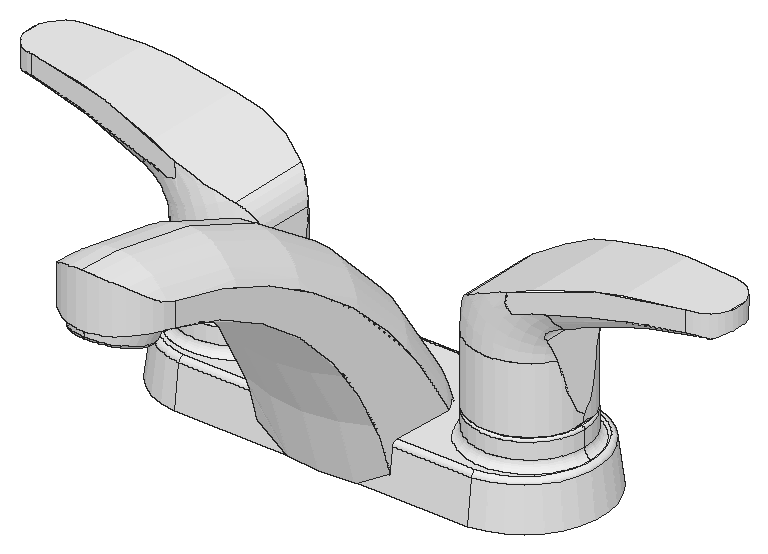
Revit family "zxFaucet-Two_Handle-American_Standard-Colony_Pro-7075.20x_Series", category Plumbing Fixtures, Revit 2014
Parameters (values of type "7075.200")
  Width = 9 3/4"
  Waste Connection = no
  Warranty Information = "Limited Lifetime Warranty"
  WFU = 2
  Vent Connection = no
  URL = "http://www.americanstandard-us.com/"
  Product Page URL = "https://www.americanstandard-us.com/bathroom/bathroom-sink-faucets/colony-pro-two-handle-centerset-bathroom-faucet-25249"
  Price = "Prices may vary. Please consult Manufacturer Representative for most up-to-date price list."  # constant formula
  Plug Button Visibility = no
  Model = "7075.200"
  Material = "Metal-American Standard-002-Polished Chrome"
  Manufacturer = "American Standard"
  Length = 6 3/8"
  Installation Type = "Deck Mounted"
  Hot Water Connection Width = 2"
  Hot Water Connection Radius = 3/16"
  Hot Water Connection Diameter = 3/8"
  Height = 4 1/4"
  HWFU = 1.5
  HW Connection = yes
  Flow Rate = "1.2 gpm (4.5 L/min.)"
  Description = "Colony® PRO Two-Handle Centerset Lavatory Faucet with Metal Drain."
  Default Elevation = 0"
  Creation Date = "11/23/2016"
  Cold Water Connection Width = 2"
  Cold Water Connection Radius = 3/16"
  Cold Water Connection Diameter = Cold Water Connection Radius * 2  # 3/8"
  CWFU = 1.5
  CW Connection = yes
  ADA Compliant = yes
Types (4): name | Plug Button Visibility | Model | Description
  (no name) | no | "7075.200" | "Colony® PRO Two-Handle Centerset Lavatory Faucet with Metal Drain."
  7075.200 | no | "7075.200" | "Colony® PRO Two-Handle Centerset Lavatory Faucet with Metal Drain."
  7075.202 | yes | "7075.202" | "Colony® PRO Two-Handle Centerset Lavatory Faucet with 50/50 pop-up drain."
  7075.205 | yes | "7075.205" | "Colony® PRO Two-Handle Centerset Lavatory Faucet with pop-up hole, plug button and rod."
Reference planes
  plane 1 "Center (Front/Back)": y = 0
  plane 2: z = 0
  plane 3: z = 107.95
  plane 4: y = -114.3
  plane 5: y = 34.925
  plane 6: y = -127
  plane 7: y = -25.4
  plane 8: y = 4.762
  plane 9: x = -250.439
  plane 10: x = -374.264
  plane 11: x = -126.614
  plane 12: x = -199.639
  plane 13: x = -301.239
Forms (mm)
  Sweep 1, solid, material "Metal-American Standard-002-Polished Chrome"
    path origin (-250.439, 0, 0) x (1, 0, 0) y (0, 1, 0)
      loop
        arc (-51.227, -22.622) -> (-0.018, -24.963) -> (51.19, -22.62) r 561.123
        arc (51.19, -22.62) -> (76.18, 4.766) -> (51.187, 32.15) r 27.5
        arc (51.187, 32.15) -> (-0.02, 34.489) -> (-51.227, 32.147) r 561.405
        arc (-51.227, 32.147) -> (-76.216, 4.762) -> (-51.227, -22.622) r 27.499
    profile origin (-326.656, 4.762, 0) x (-1, 0, 0) y (0, 0, 1)
      loop
        line (-0.016, 0) -> (-1.806, 14.45)
        arc (-1.806, 14.45) -> (-2.414, 15.604) -> (-3.635, 16.066) r 1.843
        line (-3.635, 16.066) -> (-8.933, 16.066) -> (-8.933, 0) -> (-0.016, 0)
  Revolve 2, solid, material "Metal-American Standard-002-Polished Chrome"
    sketch origin (-251.664, 4.762, 0) x (1, 0, 0) y (0, 0, 1)
      loop
        line (-49.58, 16.066) -> (-49.58, 26.385) -> (-63.149, 26.385) -> (-63.149, 25.591) -> (-67.836, 25.591)
        arc (-67.836, 25.591) -> (-68.398, 25.359) -> (-68.63, 24.797) r 0.794
        line (-68.63, 24.797) -> (-68.63, 19.293)
        arc (-68.63, 19.293) -> (-69.241, 17.332) -> (-70.858, 16.066) r 3.451
        line (-70.858, 16.066) -> (-49.58, 16.066)
      axis (-49.58, 26.385) -> (-49.58, 16.066)
    angle from 0 to 360
  Revolve 3, solid, material "Metal-American Standard-002-Polished Chrome"
    sketch origin (-249.224, 4.762, 0) x (-1, 0, 0) y (0, 0, -1)
      loop
        line (-49.58, -16.066) -> (-70.858, -16.066)
        arc (-70.858, -16.066) -> (-69.241, -17.332) -> (-68.63, -19.293) r 3.451
        line (-68.63, -19.293) -> (-68.63, -24.797)
        arc (-68.63, -24.797) -> (-68.398, -25.359) -> (-67.836, -25.591) r 0.794
        line (-67.836, -25.591) -> (-63.149, -25.591) -> (-63.149, -26.385) -> (-49.58, -26.385) -> (-49.58, -16.066)
      axis (-49.58, -26.385) -> (-49.58, -16.066)
    angle from 0 to 360
  Extrusion 4, void
    sketch origin (-250.439, -5.727, 0) x (0, 1, 0) y (0, 0, 1)
      loop
        line (41.969, 0) -> (-51.458, 0) -> (-51.458, -23.37) -> (41.969, -23.37) -> (41.969, 0)
    from -50.74 to 38.851
  SweptBlend 5, solid, material "Metal-American Standard-002-Polished Chrome"
    path origin (-250.439, -2.552, -10.17) x (0, 1, 0) y (0, 0, 1)
      loop
        arc (2.485, -3.237) -> (-60.944, 79.686) -> (-164.43, 93.471) r 136.405
    profile origin (-250.439, -0.068, -13.407) x (0, -0.96632, -0.257343) y (1, 0, 0)
      loop
        circle (0, 0) r 28.575
    end profile origin (-250.439, -166.982, 83.301) x (0, 0.257343, -0.96632) y (1, 0, 0)
      loop
        circle (1.488, 0) r 19.763
  Extrusion 6, void
    sketch origin (-250.439, -2.552, 8.88) x (1, 0, 0) y (0, 1, 0)
      loop
        line (26.014, 36.669) -> (18.49, -106.902)
        arc (18.49, -106.902) -> (0, -124.448) -> (-18.49, -106.902) r 18.516
        line (-18.49, -106.902) -> (-26.014, 36.669) -> (-35.519, 36.669) -> (-35.519, -172.709) -> (35.519, -172.709) -> (35.519, 36.669) -> (26.014, 36.669)
    from -8.88 to 139.2
  Sweep 7, void
    path origin (-250.439, -1.759, 12.849) x (0, 1, 0) y (0, 0, 1)
      loop
        arc (-15.423, -19.901) -> (-50.348, 48.007) -> (-119.345, 80.731) r 119.061
        line (-119.345, 80.731) -> (-159.119, 85.382)
    profile origin (-250.439, -52.107, 60.856) x (0, -0.695645, -0.718386) y (1, 0, 0)
      loop
        line (-0.397, -27.392) -> (35.198, -27.392) -> (35.198, 36.764) -> (-0.356, 27.298)
        arc (-0.356, 27.298) -> (5.214, -0.052) -> (-0.397, -27.392) r 69.668
  Revolve 8, solid, material "Metal-American Standard-002-Polished Chrome"
    sketch origin (-250.439, 0.088, 0.018) x (0, 1, 0) y (0, 0, 1)
      loop
        arc (-103.075, 79.331) -> (-102.591, 79.346) -> (-102.206, 79.639) r 0.794
        line (-102.206, 79.639) -> (-98.424, 85.039) -> (-112.434, 89.056) -> (-113.806, 84.273) -> (-107.702, 82.523) -> (-108.196, 80.8) -> (-103.075, 79.331)
      axis (-112.434, 89.056) -> (-114.3, 82.55)
    angle from 0 to 360
  Extrusion 9, solid, material "Metal-American Standard-002-Polished Chrome"
    sketch origin (0, 0, 0) x (1, 0, 0) y (0, 1, 0)
      loop
        arc (-300.851, 23.251) -> (-317.722, 4.762) -> (-300.851, -13.726) r 18.566
        arc (-300.851, -13.726) -> (-250.458, -16.029) -> (-200.065, -13.724) r 552.19
        arc (-200.065, -13.724) -> (-183.193, 4.766) -> (-200.067, 23.254) r 18.567
        arc (-200.067, 23.254) -> (-250.459, 25.555) -> (-300.851, 23.251) r 552.472
      loop
        circle (-301.239, 4.762) r 4.763
      loop
        circle (-199.639, 4.762) r 4.763
    from 0 to 16.066
  Revolve 10, solid, material "Metal-American Standard-002-Polished Chrome", visible <- "Plug Button Visibility"
    sketch origin (-250.439, -0.1, 0) x (0, 1, 0) y (0, 0, 1)
      loop
        line (17.565, 44.061) -> (20.684, 54.939)
        arc (20.684, 54.939) -> (20.583, 56.093) -> (19.737, 56.883) r 1.617
        arc (19.737, 56.883) -> (16.931, 57.717) -> (14.017, 57.999) r 15.225
        line (14.017, 57.999) -> (14.017, 16.066) -> (16.132, 16.066) -> (16.132, 44.061) -> (17.565, 44.061)
      axis (14.017, 57.999) -> (14.017, 16.066)
    angle from 0 to 360
  Sweep 11, solid, material "Metal-American Standard-002-Polished Chrome"
    path origin (-199.464, 4.762, 20.059) x (1, 0, 0) y (0, 0, 1)
      loop
        line (-101.6, 6.326) -> (-101.6, 29.345)
        arc (-101.6, 29.345) -> (-105.799, 44.482) -> (-117.197, 55.292) r 29.381
        arc (-117.197, 55.292) -> (-158.536, 69.949) -> (-202.351, 71.949) r 149.147
    profile origin (-301.064, 4.762, 37.894) x (-1, 0, 0) y (0, -1, 0)
      loop
        circle (0, 0) r 19.05
  Extrusion 12, void
    sketch origin (-251.654, -71.811, 0) x (1, 0, 0) y (0, 0, 1)
      loop
        arc (-122.019, 82.121) -> (-79.284, 78.96) -> (-39.443, 63.183) r 141.873
        arc (-39.443, 63.183) -> (-35.18, 59.107) -> (-33.218, 53.544) r 12.7
        line (-33.218, 53.544) -> (-30.549, 28.154)
        arc (-30.549, 28.154) -> (-30.952, 26.915) -> (-32.142, 26.385) r 1.601
        line (-32.142, 26.385) -> (-26.459, 26.385) -> (-26.459, 116.92) -> (-160.387, 116.92) -> (-160.387, 26.385) -> (-67.019, 26.385)
        arc (-67.019, 26.385) -> (-68.209, 26.915) -> (-68.611, 28.154) r 1.601
        line (-68.611, 28.154) -> (-65.582, 56.972)
        arc (-65.582, 56.972) -> (-66.187, 59.745) -> (-68.326, 61.611) r 4.521
        arc (-68.326, 61.611) -> (-85.824, 67.482) -> (-103.999, 70.696) r 124.227
        arc (-103.999, 70.696) -> (-113.795, 72.533) -> (-123.14, 75.999) r 58.817
        arc (-123.14, 75.999) -> (-124.935, 79.491) -> (-122.019, 82.121) r 3.219
    from -106.468 to -56.367
  Extrusion 13, void
    sketch origin (-500.878, 57.988, -134.587) x (-1, 0, 0) y (0, -1, 0)
      loop
        line (-199.644, 28.136) -> (-113.752, 28.136) -> (-113.752, 78.314) -> (-199.644, 78.314) -> (-199.644, 73.174) -> (-136.357, 64.426)
        arc (-136.357, 64.426) -> (-126.599, 53.225) -> (-136.357, 42.025) r 11.307
        line (-136.357, 42.025) -> (-199.644, 33.277) -> (-199.644, 28.136)
    from 176.708 to 251.507
  Sweep 14, solid, material "Metal-American Standard-002-Polished Chrome"
    path origin (-301.414, 4.762, 20.059) x (-1, 0, 0) y (0, 0, -1)
      loop
        line (-101.6, -6.326) -> (-101.6, -29.345)
        arc (-101.6, -29.345) -> (-105.799, -44.482) -> (-117.197, -55.292) r 29.381
        arc (-117.197, -55.292) -> (-158.536, -69.949) -> (-202.351, -71.949) r 149.147
    profile origin (-199.814, 4.762, 37.894) x (-1, 0, 0) y (0, -1, 0)
      loop
        circle (0, 0) r 19.05
  Extrusion 15, void
    sketch origin (-249.224, -71.811, 0) x (-1, 0, 0) y (0, 0, -1)
      loop
        arc (-122.019, -82.121) -> (-124.935, -79.491) -> (-123.14, -75.999) r 3.219
        arc (-123.14, -75.999) -> (-113.795, -72.533) -> (-103.999, -70.696) r 58.817
        arc (-103.999, -70.696) -> (-85.824, -67.482) -> (-68.326, -61.611) r 124.227
        arc (-68.326, -61.611) -> (-66.187, -59.745) -> (-65.582, -56.972) r 4.521
        line (-65.582, -56.972) -> (-68.611, -28.154)
        arc (-68.611, -28.154) -> (-68.209, -26.915) -> (-67.019, -26.385) r 1.601
        line (-67.019, -26.385) -> (-160.387, -26.385) -> (-160.387, -116.92) -> (-26.459, -116.92) -> (-26.459, -26.385) -> (-32.142, -26.385)
        arc (-32.142, -26.385) -> (-30.952, -26.915) -> (-30.549, -28.154) r 1.601
        line (-30.549, -28.154) -> (-33.218, -53.544)
        arc (-33.218, -53.544) -> (-35.18, -59.107) -> (-39.443, -63.183) r 12.7
        arc (-39.443, -63.183) -> (-79.284, -78.96) -> (-122.019, -82.121) r 141.873
    from -106.468 to -56.367
  Extrusion 16, void
    sketch origin (0, 57.988, -134.587) x (1, 0, 0) y (0, 1, 0)
      loop
        line (-199.644, -28.136) -> (-199.644, -33.277) -> (-136.357, -42.025)
        arc (-136.357, -42.025) -> (-126.599, -53.225) -> (-136.357, -64.426) r 11.307
        line (-136.357, -64.426) -> (-199.644, -73.174) -> (-199.644, -78.314) -> (-113.752, -78.314) -> (-113.752, -28.136) -> (-199.644, -28.136)
    from 176.708 to 251.507
Cuts and joins
  Extrusion 4, Extrusion 6, Sweep 7 cuts SweptBlend 5
  joined: SweptBlend 5, Revolve 8
  Extrusion 12, Extrusion 13 cuts Sweep 1
  Extrusion 12, Extrusion 13 cuts Revolve 2
  Extrusion 12, Extrusion 13 cuts Revolve 3
  Extrusion 12, Extrusion 13 cuts Extrusion 9
  joined: Sweep 1, Revolve 2, Revolve 3, Extrusion 9
  Extrusion 12, Extrusion 13, Extrusion 15, Extrusion 16 cuts Sweep 11
  Extrusion 15, Extrusion 16 cuts Sweep 14
Lines and regions (mm)
  Masking region 1
    outline origin (46.979, 22.672, 0) x (1, 0, 0) y (0, 1, 0)
      loop
        arc (-246.229, 9.461) -> (-297.436, 11.8) -> (-348.643, 9.458) r 561.389
        arc (-348.643, 9.458) -> (-359.097, 6.324) -> (-367.506, -0.631) r 27.483
        line (-367.506, -0.631) -> (-411.481, -6.709)
        arc (-411.481, -6.709) -> (-421.24, -17.91) -> (-411.481, -29.11) r 11.307
        line (-411.481, -29.11) -> (-367.506, -35.189)
        arc (-367.506, -35.189) -> (-359.097, -42.144) -> (-348.643, -45.278) r 27.483
        arc (-348.643, -45.278) -> (-334.514, -46.393) -> (-320.362, -47.15) r 561.107
        line (-320.362, -47.15) -> (-315.908, -132.126)
        arc (-315.908, -132.126) -> (-297.418, -149.673) -> (-278.928, -132.126) r 18.516
        line (-278.928, -132.126) -> (-274.474, -47.15)
        arc (-274.474, -47.15) -> (-260.322, -46.393) -> (-246.193, -45.278) r 561.107
        arc (-246.193, -45.278) -> (-235.739, -42.144) -> (-227.329, -35.189) r 27.483
        line (-227.329, -35.189) -> (-183.355, -29.11)
        arc (-183.355, -29.11) -> (-173.596, -17.91) -> (-183.355, -6.709) r 11.307
        line (-183.355, -6.709) -> (-227.329, -0.631)
        arc (-227.329, -0.631) -> (-235.755, 6.333) -> (-246.229, 9.461) r 27.483
  symbolic lines, style "PlumbingFixtures", detail levels medium+fine
    curve 1: line (-226.186, 0.506, 0) -> (-227.496, -24.478, 0)
    curve 2: line (-273.383, -24.478, 0) -> (-274.692, 0.506, 0)
  symbolic lines, style "PlumbingFixtures", visible <- "Plug Button Visibility", detail levels fine
    curve 3: circle (-250.439, 13.917, 0) r 6.739 normal (0, 0, 1)
  symbolic lines, detail levels medium+fine
    curve 4: arc (-320.258, 22.37, 0) -> (-315.811, 22.917, 0) -> (-311.365, 23.479, 0) r 1297.203
    curve 5: arc (-320.258, -12.845, 0) -> (-315.812, -13.392, 0) -> (-311.369, -13.953, 0) r 1297.203
    curve 6: arc (-301.064, 23.812, 0) -> (-282.014, 4.762, 0) -> (-301.064, -14.288, 0) r 19.05
    curve 7: arc (-311.365, 23.479, 0) -> (-306.223, 23.891, 0) -> (-301.064, 23.812, 0) r 54.287
    curve 8: arc (-311.369, -13.953, 0) -> (-306.224, -14.365, 0) -> (-301.064, -14.288, 0) r 54.325
    curve 9: arc (-180.62, 22.37, 0) -> (-185.068, 22.917, 0) -> (-189.513, 23.479, 0) r 1297.203
    curve 10: arc (-180.62, -12.845, 0) -> (-185.066, -13.392, 0) -> (-189.51, -13.953, 0) r 1297.203
    curve 11: arc (-199.814, 23.812, 0) -> (-218.864, 4.762, 0) -> (-199.814, -14.288, 0) r 19.05
    curve 12: arc (-189.513, 23.479, 0) -> (-194.656, 23.891, 0) -> (-199.814, 23.812, 0) r 54.287
    curve 13: arc (-189.51, -13.953, 0) -> (-194.654, -14.365, 0) -> (-199.814, -14.288, 0) r 54.325
Dimensions and locks
  "Length": plane 5 to plane 6
  "Height": plane 3 to level
  "Width": plane 10 to plane 11
Automatic sketch dimensions
  plane 8 to curve 6 = 0"
  curve 3 to plane 9 = 0"
  plane 8 to curve 11 = 0"
  curve 6 to plane 9 = 1.99311"
  curve 8 to plane 5 = 0.19708"
  curve 8 to curve 7 = 0.13381"
  plane 7 to curve 7 = 0.19559"
  curve 7 to curve 6 = 0.13386"
  curve 4 to plane 10 = 4.01581"
  curve 5 to plane 10 = 4.01581"
  plane 9 to curve 11 = 1.99311"
  curve 13 to plane 5 = 0.19708"
  curve 12 to curve 13 = 0.13381"
  plane 7 to curve 12 = 0.19559"
  curve 13 to curve 12 = 0.13386"
  plane 11 to curve 9 = 4.01581"
  plane 11 to curve 10 = 4.01581"
  plane 6 to curve 10 = 46.20602"
  curve 5 to curve 10 = 0"
  curve 3 to plane 8 = 0.3604"
  curve 9 to plane 5 = 50.20602"
  curve 4 to curve 9 = 0"
  curve 2 to plane 7 = 0.0363"
  curve 2 to plane 9 = 0.9033"
  curve 2 to plane 1 "Center (Front/Back)" = 0.0199"
  curve 2 to plane 9 = 0.95485"
  curve 7 to curve 7 = 0.40555"
  curve 4 to curve 7 = 0"
  curve 5 to curve 8 = 0"
  curve 5 to curve 5 = 0.34997"
  curve 4 to curve 7 = 0.35011"
  curve 1 to plane 7 = 0.0363"
  plane 9 to curve 1 = 0.90329"
  curve 1 to plane 1 "Center (Front/Back)" = 0.0199"
  plane 9 to curve 1 = 0.95484"
  curve 12 to curve 9 = 0.40555"
  curve 12 to curve 9 = 0"
  curve 10 to curve 13 = 0"
  curve 13 to curve 10 = 0.34997"
  curve 9 to curve 9 = 0.35011"
  plane 8 to Sweep 1 sketch curve = 0"
  Sweep 1 sketch curve to plane 9 = 1.91801"
  Sweep 1 sketch curve to plane 9 = 0.00102"
  Sweep 1 sketch curve to plane 9 = 0"
  Sweep 1 sketch curve to plane 8 = 0.00009"
  plane 9 to Sweep 1 sketch curve = 1.91653"
  plane 6 to Sweep 1 sketch curve = 15.74473"
  Sweep 1 sketch curve to plane 5 = 19.73369"
  plane 5 to Sweep 1 sketch curve = 7/64"
  Sweep 1 sketch curve to plane 7 = 7/64"
  Sweep 1 sketch curve to Sweep 1 sketch curve = 0"  (x2)
  Sweep 1 sketch curve to level = 0"
  profile plane to Sweep 1 sketch curve = 0.35171"
  profile plane to Sweep 1 sketch curve = 0.1431"
  profile plane to Sweep 1 sketch curve = 0.0711"
  profile plane to Sweep 1 sketch curve = 0.00065"
  level to Sweep 1 sketch curve = 0.55998"
  Sweep 1 sketch curve to Sweep 1 sketch curve = 0.00892"
  level to Revolve 2 sketch curve = 0.75956"
  plane 10 to Revolve 2 sketch curve = 1.98896"
  Revolve 2 sketch curve to Revolve 2 sketch curve = 0.04812"
  Revolve 2 sketch curve to Revolve 2 sketch curve = 0.13585"
  Revolve 2 sketch curve to Revolve 2 sketch curve = 1/32"
  Revolve 2 sketch curve to Revolve 2 sketch curve = 0.18452"
  Revolve 2 sketch curve to Revolve 2 sketch curve = 0.53423"
  Revolve 2 sketch curve to Revolve 2 sketch curve = 0.21671"
  Revolve 2 sketch curve to Revolve 2 sketch curve = 13/32"
  Revolve 2 sketch curve to Revolve 2 sketch curve = 0"  (x2)
  Revolve 2 sketch curve to Revolve 2 sketch curve = 0.06716"
  level to Revolve 3 sketch curve = 0.75956"
  Revolve 3 sketch curve to plane 11 = 1.98934"
  Revolve 3 sketch curve to Revolve 3 sketch curve = 0.04812"
  Revolve 3 sketch curve to Revolve 3 sketch curve = 0.13585"
  Revolve 3 sketch curve to Revolve 3 sketch curve = 1/32"
  Revolve 3 sketch curve to Revolve 3 sketch curve = 0.18452"
  Revolve 3 sketch curve to Revolve 3 sketch curve = 0.53423"
  Revolve 3 sketch curve to Revolve 3 sketch curve = 0.21671"
  Revolve 3 sketch curve to Revolve 3 sketch curve = 13/32"
  Revolve 3 sketch curve to Revolve 3 sketch curve = 0"  (x2)
  Revolve 3 sketch curve to Revolve 3 sketch curve = 0.06716"
  Extrusion 4 sketch curve to level = 0"
  plane 7 to Extrusion 4 sketch curve = 1.2514"
  Extrusion 4 sketch curve to plane 5 = 0.05182"
  Extrusion 4 sketch curve to Extrusion 4 sketch curve = 0.92008"
  plane 6 to SweptBlend 5 sketch curve = 0.1921"
  SweptBlend 5 sketch curve to level = 1.90985"
  plane 6 to SweptBlend 5 sketch curve = 1.5741"
  plane 1 "Center (Front/Back)" to SweptBlend 5 sketch curve = 0.00267"
  SweptBlend 5 sketch curve to level = 0.52784"
  SweptBlend 5 sketch curve to profile plane = 0"  (x3)
  SweptBlend 5 sketch curve to profile plane = 15/256"
  Extrusion 6 sketch curve to plane 9 = 1.39839"
  plane 5 to Extrusion 6 sketch curve = 0.03185"  (x2)
  Extrusion 6 sketch curve to Extrusion 6 sketch curve = 0.37419"
  Extrusion 6 sketch curve to plane 4 = 0.19078"  (x2)
  Extrusion 6 sketch curve to plane 9 = 0.72797"
  Extrusion 6 sketch curve to plane 9 = 0"
  plane 9 to Extrusion 6 sketch curve = 1.02418"
  plane 9 to Extrusion 6 sketch curve = 1.39838"
  plane 6 to Extrusion 6 sketch curve = 1.90007"
  Extrusion 6 sketch curve to plane 4 = 0.22893"
  plane 6 to Sweep 7 sketch curve = 0.31225"
  Sweep 7 sketch curve to plane 6 = 0.23216"
  Sweep 7 sketch curve to level = 0.9715"
  Sweep 7 sketch curve to plane 3 = 0.56576"
  Sweep 7 sketch curve to plane 3 = 0.38266"
  plane 6 to Sweep 7 sketch curve = 1.33376"
  Sweep 7 sketch curve to level = 0.27766"
  Sweep 7 sketch curve to profile plane = 0"
  profile plane to Sweep 7 sketch curve = 2.53753"
  profile plane to Sweep 7 sketch curve = 1/64"
  profile plane to Sweep 7 sketch curve = 0.01403"
  Sweep 7 sketch curve to profile plane = 1.38575"
  Sweep 7 sketch curve to profile plane = 1.07844"
  profile plane to Sweep 7 sketch curve = 1.4474"
  Revolve 8 sketch curve to plane 4 = 0.02293"
  Revolve 8 sketch curve to plane 4 = 0.07693"
  Revolve 8 sketch curve to plane 4 = 0.24379"
  Revolve 8 sketch curve to Revolve 8 sketch curve = 0.01945"
  Revolve 8 sketch curve to Revolve 8 sketch curve = 0.20163"
  Revolve 8 sketch curve to Revolve 8 sketch curve = 0.00861"
  Revolve 8 sketch curve to Revolve 8 sketch curve = 0.0256"
  Revolve 8 sketch curve to Revolve 8 sketch curve = 0.14887"
  Revolve 8 sketch curve to plane 3 = 1.12603"
  Revolve 8 sketch curve to Revolve 8 sketch curve = 0.01212"
  Revolve 8 sketch curve to Revolve 8 sketch curve = 0.05782"
  Revolve 8 sketch curve to plane 4 = 0.00348"
  plane 4 to Revolve 8 sketch curve = 0.01181"
  Revolve 8 sketch curve to Revolve 8 sketch curve = 0.12117"
  Revolve 8 sketch curve to Revolve 8 sketch curve = 0.05333"
  plane 8 to Extrusion 9 sketch curve = 0"  (x3)
  Extrusion 9 sketch curve to plane 13 = 0"
  Extrusion 9 sketch curve to plane 12 = 0"
  plane 13 to Extrusion 9 sketch curve = 0.08199"
  Extrusion 9 sketch curve to plane 9 = 0.00102"
  Extrusion 9 sketch curve to plane 9 = 0"
  Extrusion 9 sketch curve to plane 8 = 0.00009"
  Extrusion 9 sketch curve to plane 12 = 0.08347"
  plane 6 to Extrusion 9 sketch curve = 15.74473"
  Extrusion 9 sketch curve to plane 5 = 19.73369"
  plane 13 to Extrusion 9 sketch curve = 0.01529"
  Extrusion 9 sketch curve to Extrusion 9 sketch curve = 0"  (x3)
  Revolve 10 sketch curve to plane 8 = 0.3604"
  Revolve 10 sketch curve to Revolve 10 sketch curve = 0.08329"
  Revolve 10 sketch curve to Revolve 10 sketch curve = 0.0564"
  Revolve 10 sketch curve to Revolve 10 sketch curve = 0.20128"
  Revolve 10 sketch curve to Revolve 10 sketch curve = 0.06121"
  level to Revolve 10 sketch curve = 0.63252"
  Revolve 10 sketch curve to Revolve 10 sketch curve = 1.0515"
  Revolve 10 sketch curve to Revolve 10 sketch curve = 0.05065"
  Revolve 10 sketch curve to Revolve 10 sketch curve = 0.42826"
  Revolve 10 sketch curve to Revolve 10 sketch curve = 0.01755"
  Revolve 10 sketch curve to Revolve 10 sketch curve = 0.10293"
  Revolve 10 sketch curve to Revolve 10 sketch curve = 0"  (x2)
  Revolve 10 sketch curve to Revolve 10 sketch curve = 0.04546"
  Masking region 1 sketch curve to Masking region 1 sketch curve = 0"  (x8)
  plane 8 to Masking region 1 sketch curve = 0"  (x4)
  plane 10 to Masking region 1 sketch curve = 0.38432"  (x2)
  Masking region 1 sketch curve to Masking region 1 sketch curve = 0.06096"
  Masking region 1 sketch curve to Masking region 1 sketch curve = 1.73128"
  plane 1 "Center (Front/Back)" to Masking region 1 sketch curve = 0.49278"  (x2)
  Masking region 1 sketch curve to Masking region 1 sketch curve = 0.84138"  (x3)
  Masking region 1 sketch curve to plane 7 = 0.0363"  (x2)
  Masking region 1 sketch curve to plane 9 = 0.9033"
  Masking region 1 sketch curve to plane 4 = 0.19078"  (x3)
  Masking region 1 sketch curve to plane 9 = 0.72797"
  Masking region 1 sketch curve to plane 9 = 0.00102"
  Masking region 1 sketch curve to plane 9 = 0"  (x2)
  plane 9 to Masking region 1 sketch curve = 0.00102"
  plane 9 to Masking region 1 sketch curve = 0.9033"
  Masking region 1 sketch curve to Masking region 1 sketch curve = 1.01472"
  plane 5 to Masking region 1 sketch curve = 0.50722"  (x2)
  Masking region 1 sketch curve to plane 11 = 0.44528"
  Masking region 1 sketch curve to plane 11 = 0.38432"  (x2)
  plane 6 to Masking region 1 sketch curve = 15.74473"
  Masking region 1 sketch curve to plane 4 = 0.22893"
  plane 1 "Center (Front/Back)" to Masking region 1 sketch curve = 0.25346"  (x2)
  Masking region 1 sketch curve to plane 5 = 19.73369"
  Sweep 11 sketch curve to plane 10 = 0.48693"
  plane 10 to Sweep 11 sketch curve = 1.72516"
  Sweep 11 sketch curve to Sweep 11 sketch curve = 1.15673"
  Sweep 11 sketch curve to level = 2.21908"
  level to Sweep 11 sketch curve = 1.94502"
  Sweep 11 sketch curve to plane 10 = 1.0847"
  Sweep 11 sketch curve to Sweep 11 sketch curve = 0"
  Sweep 11 sketch curve to Sweep 11 sketch curve = 29/32"
  Sweep 11 sketch curve to profile plane = 0"
  profile plane to Sweep 11 sketch curve = 0"
  Extrusion 12 sketch curve to plane 10 = 1.48728"
  plane 10 to Extrusion 12 sketch curve = 0.03312"
  plane 10 to Extrusion 12 sketch curve = 0.24134"
  Extrusion 12 sketch curve to Extrusion 12 sketch curve = 0.21581"
  plane 10 to Extrusion 12 sketch curve = 0.96535"
  plane 10 to Extrusion 12 sketch curve = 2.06818"
  Extrusion 12 sketch curve to Extrusion 12 sketch curve = 0.05776"
  Extrusion 12 sketch curve to Extrusion 12 sketch curve = 0.0627"  (x2)
  Extrusion 12 sketch curve to Extrusion 12 sketch curve = 0.17701"
  Extrusion 12 sketch curve to Extrusion 12 sketch curve = 0.77693"
  Extrusion 12 sketch curve to Extrusion 12 sketch curve = 0.49726"
  Extrusion 12 sketch curve to Extrusion 12 sketch curve = 0.04237"
  plane 3 to Extrusion 12 sketch curve = 0.35315"
  Extrusion 12 sketch curve to plane 9 = 1.08955"
  Extrusion 12 sketch curve to plane 3 = 1.14324"
  Extrusion 12 sketch curve to plane 3 = 1.98842"
  Extrusion 12 sketch curve to Extrusion 12 sketch curve = 0.0186"
  Extrusion 12 sketch curve to Extrusion 12 sketch curve = 0.13493"
  Extrusion 12 sketch curve to Extrusion 12 sketch curve = 0.05226"
  Extrusion 12 sketch curve to Extrusion 12 sketch curve = 0.99964"
  level to Extrusion 12 sketch curve = 1.10841"
  Extrusion 12 sketch curve to Extrusion 12 sketch curve = 0.00659"  (x2)
  Extrusion 12 sketch curve to Extrusion 12 sketch curve = 0.06963"
  level to Extrusion 12 sketch curve = 1.03877"
  Extrusion 12 sketch curve to level = 2.0828"
  Extrusion 12 sketch curve to Extrusion 12 sketch curve = 0.25274"
  plane 3 to Extrusion 12 sketch curve = 0.83722"
  Extrusion 12 sketch curve to plane 10 = 0.02086"
  Extrusion 12 sketch curve to Extrusion 12 sketch curve = 0"  (x5)
  plane 8 to Extrusion 13 sketch curve = 0"
  plane 5 to Extrusion 13 sketch curve = 0.19974"
  Extrusion 13 sketch curve to plane 9 = 1.99981"
  Extrusion 13 sketch curve to plane 7 = 0.40211"
  Extrusion 13 sketch curve to Extrusion 13 sketch curve = 0"
  plane 10 to Extrusion 13 sketch curve = 0.44455"
  plane 10 to Extrusion 13 sketch curve = 0.38359"  (x2)
  Extrusion 13 sketch curve to plane 10 = 0.5064"
  Extrusion 13 sketch curve to Extrusion 13 sketch curve = 0.20237"
  Extrusion 13 sketch curve to plane 8 = 0.44096"
  Extrusion 13 sketch curve to plane 7 = 0.19974"
  plane 11 to Sweep 14 sketch curve = 0.48693"
  Sweep 14 sketch curve to plane 11 = 1.72516"
  Sweep 14 sketch curve to Sweep 14 sketch curve = 1.15673"
  level to Sweep 14 sketch curve = 1.94502"
  Sweep 14 sketch curve to level = 2.21908"
  plane 11 to Sweep 14 sketch curve = 1.0847"
  Sweep 14 sketch curve to Sweep 14 sketch curve = 0"
  Sweep 14 sketch curve to Sweep 14 sketch curve = 29/32"
  Sweep 14 sketch curve to profile plane = 0"
  profile plane to Sweep 14 sketch curve = 0"
  plane 11 to Extrusion 15 sketch curve = 1.48728"
  Extrusion 15 sketch curve to plane 11 = 0.03312"
  Extrusion 15 sketch curve to plane 11 = 0.24134"
  Extrusion 15 sketch curve to Extrusion 15 sketch curve = 0.21581"
  Extrusion 15 sketch curve to plane 11 = 0.96535"
  Extrusion 15 sketch curve to plane 11 = 2.06818"
  Extrusion 15 sketch curve to Extrusion 15 sketch curve = 0.05776"
  Extrusion 15 sketch curve to Extrusion 15 sketch curve = 0.0627"  (x2)
  Extrusion 15 sketch curve to Extrusion 15 sketch curve = 0.17701"
  Extrusion 15 sketch curve to Extrusion 15 sketch curve = 0.77693"
  Extrusion 15 sketch curve to Extrusion 15 sketch curve = 0.49726"
  Extrusion 15 sketch curve to Extrusion 15 sketch curve = 0.04237"
  plane 3 to Extrusion 15 sketch curve = 0.35315"
  plane 9 to Extrusion 15 sketch curve = 1.08955"
  plane 3 to Extrusion 15 sketch curve = 0.83722"
  Extrusion 15 sketch curve to plane 3 = 1.14324"
  Extrusion 15 sketch curve to plane 3 = 1.98842"
  Extrusion 15 sketch curve to Extrusion 15 sketch curve = 0.0186"
  Extrusion 15 sketch curve to Extrusion 15 sketch curve = 0.13493"
  Extrusion 15 sketch curve to Extrusion 15 sketch curve = 0.05226"
  level to Extrusion 15 sketch curve = 1.10841"
  Extrusion 15 sketch curve to Extrusion 15 sketch curve = 0.99964"
  Extrusion 15 sketch curve to Extrusion 15 sketch curve = 0.00659"  (x2)
  level to Extrusion 15 sketch curve = 1.03877"
  Extrusion 15 sketch curve to Extrusion 15 sketch curve = 0.06963"
  Extrusion 15 sketch curve to level = 2.0828"
  Extrusion 15 sketch curve to Extrusion 15 sketch curve = 0.25274"
  plane 11 to Extrusion 15 sketch curve = 0.02086"
  Extrusion 15 sketch curve to Extrusion 15 sketch curve = 0"  (x5)
  plane 8 to Extrusion 16 sketch curve = 0"
  plane 5 to Extrusion 16 sketch curve = 0.19974"
  plane 9 to Extrusion 16 sketch curve = 1.99981"
  Extrusion 16 sketch curve to plane 7 = 0.40211"
  Extrusion 16 sketch curve to Extrusion 16 sketch curve = 0"
  Extrusion 16 sketch curve to plane 11 = 0.44455"
  Extrusion 16 sketch curve to plane 11 = 0.38359"  (x2)
  plane 11 to Extrusion 16 sketch curve = 0.5064"
  Extrusion 16 sketch curve to plane 7 = 0.19974"
  plane 1 "Center (Front/Back)" to Extrusion 16 sketch curve = 0.25346"
  Extrusion 16 sketch curve to Extrusion 16 sketch curve = 0.20237"
  radius of curve 3 = 0.26532"
  radius of SweptBlend 5 sketch curve = 1 1/8"
  radius of SweptBlend 5 sketch curve = 0.77809"
  radius of Extrusion 9 sketch curve = 3/16"  (x2)
  radius of Sweep 11 sketch curve = 3/4"
  radius of Sweep 14 sketch curve = 3/4"
Connectors
  piping at (-301.239, 4.762, 0), diameter 9.525, driven by "Hot Water Connection Diameter", driven by "HWFU"
    settings: on cut or joined group of Sweep 1, Revolve 2, Revolve 3, Extrusion 9, Extrusion 12, Extrusion 13, index 1, connector inside diameter 24", connector length 0", flow factor 0, pipe flow 0 GPM, pressure drop 0.00 psi, fitting loss kfactor 0, connector angle 0.00°, fixture units 1.5, engagement length 0", angle of deflection 0.00°, flow configuration 3, flow direction 1, fitting loss method 0, system type 19, joint type 0, gender type 0, connector reference index -1, connector utility 0, adjustable connector no, is connector primary yes, connector description "3/8\" NPT HW Inlet"
  piping at (-199.639, 4.762, 0), diameter 9.525, driven by "Cold Water Connection Diameter", driven by "CWFU"
    settings: on cut or joined group of Sweep 1, Revolve 2, Revolve 3, Extrusion 9, Extrusion 12, Extrusion 13, index 2, connector inside diameter 24", connector length 0", flow factor 0, pipe flow 0 GPM, pressure drop 0.00 psi, fitting loss kfactor 0, connector angle 0.00°, fixture units 1.5, engagement length 0", angle of deflection 0.00°, flow configuration 3, flow direction 1, fitting loss method 0, system type 20, joint type 0, gender type 0, connector reference index -1, connector utility 0, adjustable connector no, is connector primary no, connector description "3/8\" NPT CW Inlet"
